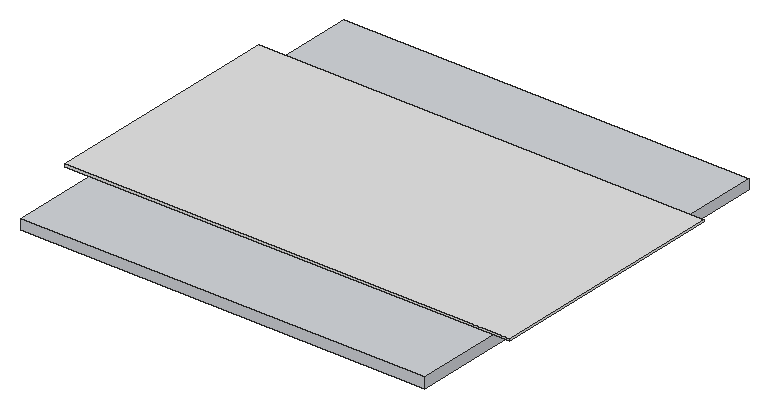
Revit family "26802", category Aparatos sanitarios, Revit 2017
Family settings
  Anfitrión = Cara
  Cota de conector redondo = Diámetro de uso
  Tipo de pieza = Normal
  Número OmniClass = 23.45.55.14
  Título OmniClass = Single Faucets
  Corte con vacíos al cargar = No
  Compartido = No
  Punto de cálculo de habitación = No
Parameters (values of type "26802")
  URL = "http://www.griferiasgalindo.com"
  Teléfono = "(+34) 915 782 575"
  TIPO DE AGUA = "Fria"
  REFERENCIA = "26803"
  Presión Máxima = "8 bar"
  PESO BRUTO = "1,920 Kg"
  Modelo = "PRESTO XT 2000 - P Negro"
  Material = LATON CROMADO
  Imagen de tipo = <Ninguno>
  Fabricante = "PRESTO IBÉRICA"
  Default Elevation = 1219.2 mm
  ENTRADA = "Con latiguillo flexible de 1/2\""
  Descripción = "Grifo temporalizado de un agua para instalación mural y apertura por pulsador."
  Código de montaje = "C1030220"
  Contacto = "info@prestoiberica.com"
  Conexión AF = yes
  Conexión AC = no
  Comentarios de tipo = "Cuerpo y pulsador en latón. Piezas inferiores en matieriales resistentes a la corrosión e incrustaciones calcáreas. Cabeza intercambiable. Caño disponible en varias longitudes (bajo pedido). Suministrado con caja para empotrar. Entrada hembra de  1/2\"."
  CIERRE = "Automático en 10 seg."
  CAUDAL = "8 l/min."
  Accionamiento = "Mediante pulsador"
Reference planes
  plane 1 "Centro (Frontal/Posterior)": y = 0
  plane 2: z = 0
  plane 3 "Centro (Izquierda/Derecha)": x = 0
Forms (mm)
  Extrusion 1, solid
    sketch origin (0, 0, 0) x (1, 0, 0) y (0, 1, 0)
      loop
        line (-100, 100) -> (-100, -100) -> (100, -100) -> (100, 100) -> (-100, 100)
    from 0 to -5
  Extrusion 2, solid, material "LATON CROMADO"
    sketch origin (0, 0, 2) x (-1, 0, 0) y (0, -1, 0)
      loop
        line (110, -60) -> (110, 60) -> (-110, 60) -> (-110, -60) -> (110, -60)
    from 0 to 1
Dimensions and locks
  Extrusion 1 sketch curve to plane 1 "Centro (Frontal/Posterior)" = 100 mm
  aligned and locked: plane 2 to Extrusion 1
  aligned and locked: level to Extrusion 1
  aligned and locked: Extrusion 2 sketch curve to import instance  (x4)
Connectors
  piping at (83.5, 0, -42.5), diameter 12.7
    settings: on import instance, index 1, connector inside diameter 609.6 mm, connector length 0 mm, flow factor 0, pipe flow 0.0 L/s, pressure drop 0.0 Pa, fitting loss kfactor 0, connector angle 0.00°, fixture units 0, engagement length 0 mm, angle of deflection 0.00°, flow configuration 0, flow direction 1, fitting loss method 0, system type 20, joint type 0, gender type 0, connector reference index -1, connector utility 0, adjustable connector no, is connector primary yes, connector description ""
